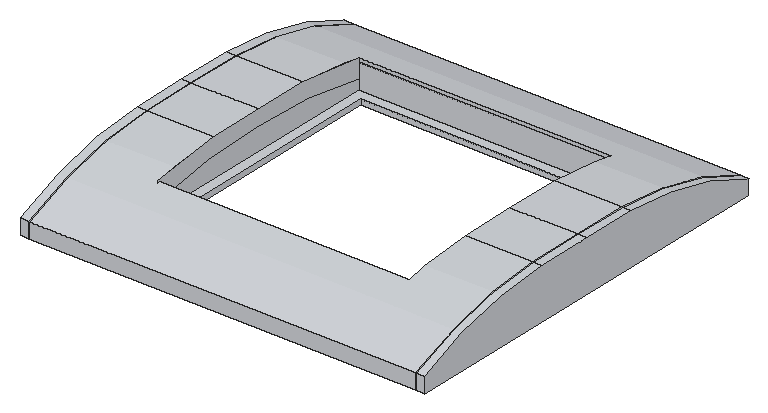
Revit family "Gira_0211773", category Electrical Fixtures, host Face, Revit 2017
Family settings
  Host = Face
  Maintain Annotation Orientation = No
  Round Connector Dimension = Use Diameter
  Part Type = Normal
  Cut with Voids When Loaded = No
  Shared = No
  Room Calculation Point = No
Parameters (values of type "Cov.fr. 1-g interm.fr. PW Gira Event Clear sand")
  With mounting grid = "No"
  With hinged lid = "No"
  URL = "http://katalog.gira.de/en/datenblatt.html?artikelnr=0211773"
  Type of fastening = "Clamp mounting"
  Transparent = "No"
  Surface protection = "Other"
  Surface finishing = "Glossy"
  Suitable for wall duct = "No"
  Suitable for flush-mounted installation = "Yes"
  Suitable for floor box = "No"
  Suitable for built-in installation = "No"
  Number of units vertical = "1"
  Number of units horizontal = "1"
  Number of units = "1"
  Name = "Cov.fr. 1-g interm.fr. PW Gira Event Clear sand"
  Mounting direction = "Horizontal and vertical"
  Material quality = "Thermoplastic"
  Material = "Plastic"
  Manufacturer URL = "https://www.gira.de/"
  Manufacturer = "Gira"
  Label space/information surface = "No"
  Keynote = ""
  HeinzeBIM = "https://bimportal.heinze.de/bim/cov-fr-1-g-interm-fr-pw-gira-event-clear-sand/9498822b97e839b22a2297481de78bd14d37f89e"
  Halogen free = "Yes"
  HAN = "0211773"
  GTIN = "4010337069546"
  Description = "Cov.fr.1g i.fr.PW EvCl SD,Gira Event Clear cover frame,sand with pure white glossy intermediate frame,1-gang,Features:,- Shatter-proof."
  Degree of protection (IP) = "IP20"
  Default Elevation = 1219.2 mm
  Data sheet (1) = "https://katalog.gira.de/en/download.html?artikelnr=0211773"
  Colour = "Other"
  Category = "Cover frame for domestic switching devices"
  BIM (1) = "https://media.stage.bim.site/public/gira/36a6b08/Event_Rahmen_1fach.rfa"
  Available = "No"
Reference planes
  plane 1 "Center (Front/Back)": y = 0
  plane 2: z = 0
  plane 3 "Center (Left/Right)": x = 0
Forms (mm)
  Extrusion 1, solid, detail levels fine
    sketch origin (0, 0, 1.55) x (0, 1, 0) y (0, 0, 1)
      loop
        arc (12.445, 9.683) -> (6.223, 9.833) -> (0, 9.85) r 291.636
        arc (0, 9.85) -> (-6.223, 9.833) -> (-12.445, 9.683) r 291.636
        arc (-12.445, 9.683) -> (-29.14, 7.482) -> (-45, 1.823) r 79.728
        line (-45, 1.823) -> (-45, -1.55) -> (-41.777, -1.55) -> (-41.777, -0.55)
        arc (-41.777, -0.55) -> (-21.205, 4.846) -> (0, 6.467) r 118.15
        arc (0, 6.467) -> (21.205, 4.846) -> (41.777, -0.55) r 118.15
        line (41.777, -0.55) -> (41.777, -1.55) -> (45, -1.55) -> (45, 1.823)
        arc (45, 1.823) -> (29.14, 7.482) -> (12.445, 9.683) r 79.728
    from -43 to 43
  Extrusion 2, void, detail levels fine
    sketch origin (0, 0, 0) x (1, 0, 0) y (0, 1, 0)
      loop
        line (-28, -28) -> (28, -28) -> (28, 28) -> (-28, 28) -> (-28, -28)
    from 2.85 to 12
  Extrusion 3, solid, detail levels coarse
    sketch origin (0, 0, 0) x (1, 0, 0) y (0, 1, 0)
      loop
        line (-45, 45) -> (-45, -45) -> (45, -45) -> (45, 45) -> (-45, 45)
    from 0 to 11.4
  Extrusion 4, solid, detail levels medium
    sketch origin (0, 0, 1.55) x (0, 1, 0) y (0, 0, 1)
      loop
        arc (12.445, 9.683) -> (6.223, 9.833) -> (0, 9.85) r 291.636
        arc (0, 9.85) -> (-6.223, 9.833) -> (-12.445, 9.683) r 291.636
        arc (-12.445, 9.683) -> (-29.14, 7.482) -> (-45, 1.823) r 79.728
        line (-45, 1.823) -> (-45, -1.55) -> (45, -1.55) -> (45, 1.823)
        arc (45, 1.823) -> (29.14, 7.482) -> (12.445, 9.683) r 79.728
    from -45 to 45
  Extrusion 5, solid, detail levels fine
    sketch origin (0, 0, 0) x (0, 1, 0) y (0, 0, 1)
      loop
        arc (45, 3.373) -> (29.14, 9.032) -> (12.445, 11.233) r 79.728
        arc (12.445, 11.233) -> (6.223, 11.383) -> (0, 11.4) r 291.636
        arc (0, 11.4) -> (-6.223, 11.383) -> (-12.445, 11.233) r 291.636
        arc (-12.445, 11.233) -> (-29.14, 9.032) -> (-45, 3.373) r 79.728
        line (-45, 3.373) -> (-45, 0) -> (45, 0) -> (45, 3.373)
    from 43 to 45
  Extrusion 6, solid, detail levels fine
    sketch origin (0, 0, 0) x (0, 1, 0) y (0, 0, -1)
      loop
        line (45, -3.373) -> (45, 0) -> (-45, 0) -> (-45, -3.373)
        arc (-45, -3.373) -> (-29.14, -9.032) -> (-12.445, -11.233) r 79.728
        arc (-12.445, -11.233) -> (-6.223, -11.383) -> (0, -11.4) r 291.636
        arc (0, -11.4) -> (6.223, -11.383) -> (12.445, -11.233) r 291.636
        arc (12.445, -11.233) -> (29.14, -9.032) -> (45, -3.373) r 79.728
    from 43 to 45
  Extrusion 7, solid, detail levels fine
    sketch origin (0, 0, 0) x (1, 0, 0) y (0, 1, 0)
      loop
        line (-25.7, 25.7) -> (-25.7, -25.7) -> (25.7, -25.7) -> (25.7, 25.7) -> (-25.7, 25.7)
      loop
        line (-29.495, 27.895) -> (-29.495, -27.895)
        spline (-29.495, -27.895) -> (-29.486, -28.025) -> (-29.461, -28.154) -> (-29.419, -28.278) -> (-29.361, -28.395) -> (-29.288, -28.504) -> (-29.202, -28.602) -> (-29.104, -28.688) -> (-28.995, -28.761) -> (-28.878, -28.819) -> (-28.754, -28.861) -> (-28.625, -28.886) -> (-28.495, -28.895)
        line (-28.495, -28.895) -> (28.495, -28.895)
        spline (28.495, -28.895) -> (28.625, -28.886) -> (28.754, -28.861) -> (28.878, -28.819) -> (28.995, -28.761) -> (29.104, -28.688) -> (29.202, -28.602) -> (29.288, -28.504) -> (29.361, -28.395) -> (29.419, -28.278) -> (29.461, -28.154) -> (29.486, -28.025) -> (29.495, -27.895)
        line (29.495, -27.895) -> (29.495, 27.895)
        spline (29.495, 27.895) -> (29.486, 28.025) -> (29.461, 28.154) -> (29.419, 28.278) -> (29.361, 28.395) -> (29.288, 28.504) -> (29.202, 28.602) -> (29.104, 28.688) -> (28.995, 28.761) -> (28.878, 28.819) -> (28.754, 28.861) -> (28.625, 28.886) -> (28.495, 28.895)
        line (28.495, 28.895) -> (-28.495, 28.895)
        spline (-28.495, 28.895) -> (-28.625, 28.886) -> (-28.754, 28.861) -> (-28.878, 28.819) -> (-28.995, 28.761) -> (-29.104, 28.688) -> (-29.202, 28.602) -> (-29.288, 28.504) -> (-29.361, 28.395) -> (-29.419, 28.278) -> (-29.461, 28.154) -> (-29.486, 28.025) -> (-29.495, 27.895)
    from 1.673 to 8.5
Cuts and joins
  Extrusion 2 cuts Extrusion 1
  Extrusion 2 cuts Extrusion 7
Dimensions and locks
  aligned and locked: plane 2 to host face
  aligned and locked: level to host face
